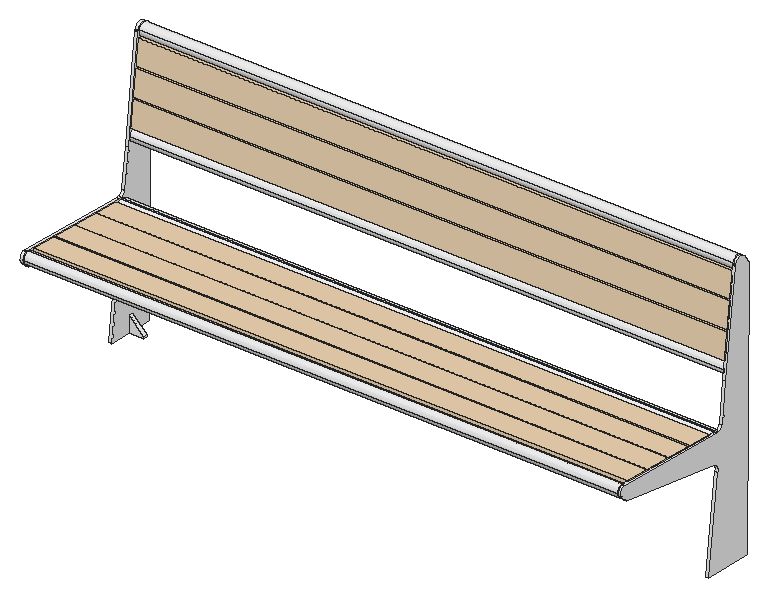
Revit family "Скамейка стальная «Поло» Арт 9469", category Антураж, Revit 2018
Family settings
  На основе рабочей плоскости = Нет
  Всегда вертикально = Да
  При загрузке вырезать с полостями = Нет
  Источник визуального образа = Геометрия семейства
  Общий = Нет
  Точка расчета площади = Нет
Parameters (values of type "Версия 2,0 м")
  Ширина = 530 mm  # constant formula
  Цвет опор = Сталь
  Цвет лавки = Дерево
  Описание = if([Версия 0,6 м (кресло)], "Скамейка стальная «Поло». Версия 0,6 м (кресло)", if([Версия 1,2 м], "Скамейка стальная «Поло». Версия 1,2 м", if([Версия 1,8 м], "Скамейка стальная «Поло». Версия 1,8 м", "Скамейка стальная «Поло». Версия 2,0 м")))  # "Скамейка стальная «Поло». Версия 2,0 м"
  Материал изделия = "Сталь, дерево"  # constant formula
  Изображение типоразмера = Скамейка стальная «Поло» Арт 9469.jpg
  Изготовитель = "ООО «Хоббика»"  # constant formula
  Длина = if([Версия 0,6 м (кресло)], 600 mm, if([Версия 1,2 м], 1200 mm, if([Версия 1,8 м], 1800 mm, 2000 mm)))  # 2000 mm
  Группа модели = "Скамейки"  # constant formula
  Высота = 900 mm  # constant formula
  Версия 2,0 м = yes
  Версия 1,8 м = no
  Версия 1,2 м = no
  Версия 0,6 м (кресло) = no
  Артикул товара = "Арт. 9469"  # constant formula
  URL = "https://hobbyka.ru/product/skameyka_ulichnaya_polo/"
Types (5, lengths in mm): name | Описание | Длина | Версия 2,0 м | Версия 1,8 м | Версия 1,2 м | Версия 0,6 м (кресло)
  (no name) | "Скамейка стальная «Поло». Версия 2,0 м" | 2000 | yes | no | no | no
  Версия 0,6 м (кресло) | "Скамейка стальная «Поло». Версия 0,6 м (кресло)" | 600 | no | no | no | yes
  Версия 1,2 м | "Скамейка стальная «Поло». Версия 1,2 м" | 1200 | no | no | yes | no
  Версия 1,8 м | "Скамейка стальная «Поло». Версия 1,8 м" | 1800 | no | yes | no | no
  Версия 2,0 м | "Скамейка стальная «Поло». Версия 2,0 м" | 2000 | yes | no | no | no
Reference planes
  plane 1 "По центру (Вперед/Назад)": y = 0
  plane 2: z = 0
  plane 3 "По центру (Влево/Вправо)": x = 0
  plane 4: x = 2000
  plane 5: y = 530
  plane 6: z = 900
Dimensions and locks
  "Ширина": plane 5 to plane 1 "По центру (Вперед/Назад)"
  "Длина": plane 4 to plane 3 "По центру (Влево/Вправо)"
  "Высота": plane 6 to plane 2
  aligned and locked: level to plane 2
  aligned and locked: plane 3 "По центру (Влево/Вправо)" to nested 1
  aligned and locked: nested 1 to plane 5
Nested families
  nested 1: "123" at (0, 530, 0), type "123"
    with Длина 2000 mm
Definition of nested family "123"
  Parameters (values of type "Семейство1")
    Цвет опор = none
    Цвет лавки = none
    Cost = 16590
    Description = ""
    Материал изделия = ""
    Manufacturer = ""
    Длина = 600 mm
    Height = 0 mm
    Артикул товара = ""
    URL = ""
  Reference planes
    plane 1 "По центру (Вперед/Назад)": y = 0
    plane 2: z = 0
    plane 3 "По центру (Влево/Вправо)": x = 0
    plane 4: x = 0
    plane 5: x = 600
    plane 6: x = 10
    plane 7: x = 590
  Forms (mm)
    Extrusion 1, solid, material <- "Цвет опор"
      sketch origin (0, 0, 0) x (0, 1, 0) y (0, 0, 1)
        loop
          arc (-50.581, 885.365) -> (-28.01, 861.867) -> (-13.184, 890.88) r 20
          arc (-13.184, 890.88) -> (-33.846, 901.439) -> (-50.581, 885.365) r 20
        loop
          arc (-129.337, 415.82) -> (-119.662, 377.256) -> (-120.701, 417.001) r 20
          arc (-120.701, 417.001) -> (-124.956, 415.951) -> (-129.337, 415.82) r 20.725
        loop
          arc (-530.149, 407.218) -> (-496.48, 396.749) -> (-511.051, 428.856) r 19.322
          arc (-511.051, 428.856) -> (-525.453, 422.32) -> (-530.149, 407.218) r 19.322
        loop
          circle (-68.967, 583.568) r 20
      from 10 to 590
    Extrusion 2, solid, material <- "Цвет лавки"
      sketch origin (0, 0, 0) x (0, 1, 0) y (0, 0, 1)
        loop
          line (-64.025, 783.783) -> (-29.29, 779.485) -> (-19.283, 860.369) -> (-54.018, 864.666) -> (-64.025, 783.783)
        loop
          line (-74.769, 696.945) -> (-40.033, 692.647) -> (-30.027, 773.531) -> (-64.762, 777.828) -> (-74.769, 696.945)
        loop
          line (-85.512, 610.107) -> (-50.777, 605.81) -> (-40.77, 686.693) -> (-75.505, 690.99) -> (-85.512, 610.107)
        loop
          line (-148.067, 381.434) -> (-146.879, 416.414) -> (-228.332, 419.181) -> (-229.52, 384.202) -> (-148.067, 381.434)
        loop
          line (-235.517, 384.405) -> (-234.328, 419.385) -> (-315.781, 422.153) -> (-316.97, 387.173) -> (-235.517, 384.405)
        loop
          line (-322.966, 387.377) -> (-321.778, 422.356) -> (-403.231, 425.124) -> (-404.419, 390.144) -> (-322.966, 387.377)
        loop
          line (-410.416, 390.348) -> (-409.227, 425.328) -> (-490.68, 428.095) -> (-491.869, 393.115) -> (-410.416, 390.348)
      from 10 to 590
  Dimensions and locks
    "Длина": plane 4 to plane 5
    locked: plane 4 to plane 6 at 10
    locked: plane 5 to plane 7 at 10
    aligned and locked: level to plane 2
    aligned and locked: plane 4 to nested 1
    aligned and locked: plane 5 to nested 2
    aligned and locked: Extrusion 1 to plane 6
    aligned and locked: Extrusion 1 to plane 7
    aligned and locked: Extrusion 2 to plane 6
    aligned and locked: Extrusion 2 to plane 7
  Automatic sketch dimensions
    Extrusion 1 sketch curve to Extrusion 1 sketch curve = 0 mm  (x2)
    plane 1 "По центру (Вперед/Назад)" to Extrusion 1 sketch curve = 510.966 mm
    plane 1 "По центру (Вперед/Назад)" to Extrusion 1 sketch curve = 122.373 mm
    plane 1 "По центру (Вперед/Назад)" to Extrusion 1 sketch curve = 68.967 mm
    plane 1 "По центру (Вперед/Назад)" to Extrusion 1 sketch curve = 30.928 mm
    level to Extrusion 1 sketch curve = 397.071 mm
    Extrusion 1 sketch curve to Extrusion 1 sketch curve = 12.463 mm
    Extrusion 1 sketch curve to Extrusion 1 sketch curve = 186.497 mm
    Extrusion 1 sketch curve to Extrusion 1 sketch curve = 298.085 mm
    Extrusion 1 sketch curve to Extrusion 1 sketch curve = 0.085 mm
    Extrusion 1 sketch curve to Extrusion 1 sketch curve = 19.182 mm
    Extrusion 1 sketch curve to Extrusion 1 sketch curve = 6.964 mm
    Extrusion 1 sketch curve to Extrusion 1 sketch curve = 8.636 mm
    Extrusion 1 sketch curve to Extrusion 1 sketch curve = 19.653 mm
    plane 1 "По центру (Вперед/Назад)" to Extrusion 1 sketch curve = 13.184 mm
    Extrusion 1 sketch curve to Extrusion 1 sketch curve = 18.748 mm
    Extrusion 1 sketch curve to Extrusion 1 sketch curve = 3.712 mm
    Extrusion 1 sketch curve to Extrusion 1 sketch curve = 1.571 mm
    Extrusion 1 sketch curve to Extrusion 1 sketch curve = 2.316 mm
    plane 1 "По центру (Вперед/Назад)" to Extrusion 2 sketch curve = 491.869 mm
    Extrusion 2 sketch curve to Extrusion 2 sketch curve = 1.189 mm  (x5)
    Extrusion 2 sketch curve to Extrusion 2 sketch curve = 81.453 mm  (x4)
    Extrusion 2 sketch curve to Extrusion 2 sketch curve = 5.997 mm  (x6)
    plane 1 "По центру (Вперед/Назад)" to Extrusion 2 sketch curve = 85.512 mm
    plane 1 "По центру (Вперед/Назад)" to Extrusion 2 sketch curve = 75.505 mm
    Extrusion 2 sketch curve to Extrusion 2 sketch curve = 0.737 mm  (x4)
    plane 1 "По центру (Вперед/Назад)" to Extrusion 2 sketch curve = 64.762 mm
    plane 1 "По центру (Вперед/Назад)" to Extrusion 2 sketch curve = 54.018 mm
    Extrusion 2 sketch curve to Extrusion 2 sketch curve = 34.735 mm  (x2)
    plane 1 "По центру (Вперед/Назад)" to Extrusion 2 sketch curve = 30.027 mm
    plane 1 "По центру (Вперед/Назад)" to Extrusion 2 sketch curve = 19.283 mm
    level to Extrusion 2 sketch curve = 381.434 mm
    Extrusion 2 sketch curve to Extrusion 2 sketch curve = 2.768 mm  (x4)
    Extrusion 2 sketch curve to Extrusion 2 sketch curve = 0.204 mm  (x3)
    Extrusion 2 sketch curve to Extrusion 2 sketch curve = 189.396 mm
    Extrusion 2 sketch curve to Extrusion 2 sketch curve = 4.297 mm
    Extrusion 2 sketch curve to Extrusion 2 sketch curve = 5.955 mm  (x4)
    radius of Extrusion 1 sketch curve = 20 mm
  Nested families
    nested 1: "Семейство1" at (0, -206.198, 0), Материал <- "Цвет опор", type "Семейство1"
      with Материал none
    nested 2: "Семейство1" at (600, -206.198, 0) x (-1, 0, 0) z (0, 0, 1), Материал <- "Цвет опор", type "Семейство1"
      with Материал none
  Definition of nested family "Семейство1"
    Parameters (values of type "Семейство1")
      Материал [instance] = none
    Reference planes
      plane 1 "По центру (Вперед/Назад)": y = 0
      plane 2: z = 0
      plane 3 "По центру (Влево/Вправо)": x = 0
    Forms (mm)
      Extrusion 1, solid, material <- "Материал"
        sketch origin (0, 0, 0) x (0, 1, 0) y (0, 0, 1)
          loop
            line (113.891, 555.185) -> (98.632, 431.848)
            arc (98.632, 431.848) -> (93.822, 422.604) -> (85.121, 416.869) r 20.725
            arc (85.121, 416.869) -> (81.881, 416.049) -> (78.551, 415.76) r 20.725
            line (78.551, 415.76) -> (-306.872, 428.856)
            arc (-306.872, 428.856) -> (-307.743, 428.683) -> (-308.605, 428.471) r 20
            arc (-308.605, 428.471) -> (-323.935, 411.972) -> (-313.224, 392.161) r 19.322
            line (-313.224, 392.161) -> (-301.589, 380.48) -> (65.51, 326.818)
            arc (65.51, 326.818) -> (79.364, 315.447) -> (80.816, 297.582) r 22.946
            line (80.816, 297.582) -> (42.806, 0) -> (199.806, 0) -> (206.198, 872.034) -> (193.014, 890.88)
            arc (193.014, 890.88) -> (172.626, 901.477) -> (155.728, 885.907) r 20
            arc (155.728, 885.907) -> (155.291, 884.872) -> (154.913, 883.815) r 19.893
            arc (154.913, 883.815) -> (154.368, 881.782) -> (154.041, 879.703) r 19.893
            line (154.041, 879.703) -> (113.891, 555.185)
        from 0 to 10
      Extrusion 2, solid, material <- "Материал"
        sketch origin (0, 0, 0) x (1, 0, 0) y (0, 0, 1)
          loop
            line (60, 6) -> (10, 55) -> (10, 0) -> (60, 0) -> (60, 6)
        from -126.306 to -116.306
    Dimensions and locks
      aligned and locked: level to plane 2
